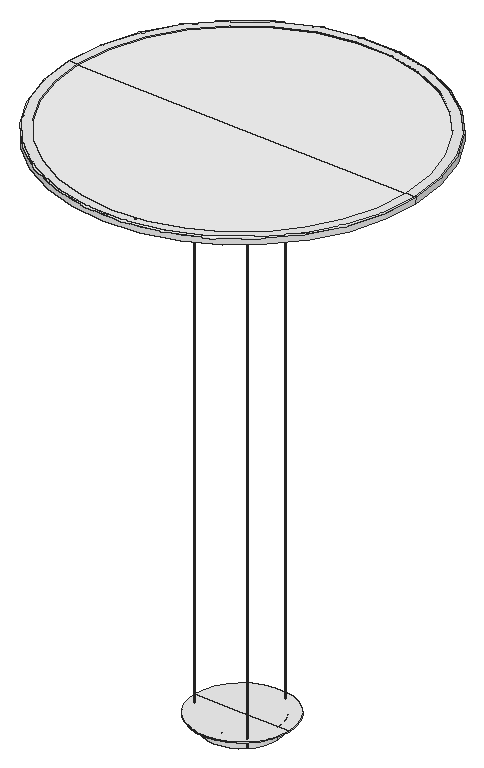
Revit family "Lighting-Pendant-Vibia-BIG_0536", category Lighting Fixtures, host Face, Revit 2015
Parameters (values of type "0536-01")
  Tilt Angle = -90.00°
  Wattage = 32.1535 W
  URL = "www.vibia.com"
  Product data url = "https://bimobject.com/vibia/product/vibia-big-0536"
  Product Page URL = "http://www.vibia.com/us/lamps/show/id/05364/pendants_big_0536_design_by_lievore_altherr_molina.html"
  Power Factor = 0.98  # constant formula
  Pendant Length [instance] = 53.92432"
  Number of Poles = 1
  Model = "BIG 0536-01"
  built-in parameter 1150107 = 2700 (stored number, unit not read)
  Supply Voltage (277 V max) = 120 V
  Ring Material = Metal - VIBIA - 01 - Polished Chrome
  Revit Model Version = "3.0"  # constant formula
  built-in parameter 1150110 = 1 (stored number, unit not read)
  built-in parameter 1150109 = 1 (stored number, unit not read)
  built-in parameter 1150112 = 1 (stored number, unit not read)
  built-in parameter 1150113 = 1 (stored number, unit not read)
  Description = "BIG exceeds all expectations: it is a light fixture which provides direct ambient down light, achieving a quality akin to a real skylight. Just as the light intensity from a natural skylight changes with the hours of the day the BIG is dimmable creating suitable lighting for a wide range of situations. It is a minimalist expression of fixture design– its white opal methacrylate flat diffuser takes up virtually the entire diameter, with its only flourish a slim chrome band around the outside."  # constant formula
  built-in parameter 1114218 = 1 (stored number, unit not read)
  Power Factor1 = 0.98  # constant formula
  Number of poles1 = 1
  built-in parameter 1150137 = (empty or 0)
  built-in parameter 1150132 = 2
  Length (157" max) [instance] = 60"
  Lamp Structure Material = Metal - VIBIA - 93 - Matt White Lacquer - RAL 9016
  built-in parameter 1150105 = 380.07 (stored number, unit not read)
  built-in parameter 1150102 = (empty or 0)
  built-in parameter 1150106 = 3.8007 (stored number, unit not read)
  Emit Shape Visible in Rendering = no
  Lumens = 4776.14 lm
  Color Filter = 16777215
  built-in parameter 1114217 = 1 (stored number, unit not read)
  built-in parameter 1150139 = (empty or 0)
  Manufacturer = "VIBIA"  # constant formula
  Default Elevation = 50"
  built-in parameter 1150104 = 13.8 (stored number, unit not read)
  Emit from Circle Diameter = 36"
  Dish Material = Metal - VIBIA - 01 - Polished Chrome
  Diffuser Material = Plastic - VIBIA - Light Screen - 2700K
  built-in parameter 1150115 = 1 (stored number, unit not read)
  built-in parameter 1150114 = 1 (stored number, unit not read)
  Assembly Code = ""
  built-in parameter 1150138 = (empty or 0)
  built-in parameter 1150134 = (empty or 0)
  Apparent Load = 120 VA  # constant formula
  Dimming Lamp Color Temperature Shift = <None>
  Cable Material = Metal - VIBIA - Stainless Steel
  Photometric Web File = "0536_USA.IES"
  built-in parameter 1150133 = 10 (stored number, unit not read)
Types (3): name | Model | Ring Material | Dish Material
  (no name) | "BIG 0536-01" | Metal - VIBIA - 01 - Polished Chrome | Metal - VIBIA - 01 - Polished Chrome
  0536-01 | "BIG 0536-01" | Metal - VIBIA - 01 - Polished Chrome | Metal - VIBIA - 01 - Polished Chrome
  0536-93 | "BIG 0536-93" | Metal - VIBIA - 93 - Matt White Lacquer - RAL 9016 | Metal - VIBIA - 93 - Matt White Lacquer - RAL 9016
Reference planes (in)
  plane 1 "Center (Front/Back)": y = 0
  plane 2: z = 0
  plane 3 "Center (Left/Right)": x = 0
  plane 4 "Light Source Elevation": z = 60.125
  plane 5 "Lamp Elevation": z = 60
  plane 6 "H1": z = 55.28259
  plane 7 "H0": z = 1.35827
Forms (in)
  Extrusion 1, solid, material "Metal - VIBIA - Stainless Steel" <- "Cable Material"
    sketch origin (0, -3.77953, 0) x (1, 0, 0) y (0, 1, 0)
      loop
        circle (1.29276, 8.21028) r 0.01969
      loop
        circle (3.23091, 0.43572) r 0.01969
      loop
        circle (-4.47161, 2.64407) r 0.01969
    from 0.43307 to 55.28259
  Revolve 2, solid, material "Metal - VIBIA - 01 - Polished Chrome" <- "Dish Material"
    sketch origin (0, 0, 0.10725) x (1, 0, 0) y (0, 0, 1)
      loop
        line (3.99011, 1.17227) -> (5.28995, 1.17227) -> (5.28995, 1.25101) -> (0, 1.25101) -> (0, -0.10725) -> (3.99011, -0.10725) -> (3.99011, 1.17227)
      axis (0, -0.10725) -> (0, 1.25101)
    angle from 0 to 360
  Extrusion 3, solid, material "Metal - VIBIA - Stainless Steel" <- "Cable Material"
    sketch origin (0, -3.77953, 0) x (1, 0, 0) y (0, 1, 0)
      loop
        circle (1.29276, 8.21028) r 0.01969
      loop
        circle (3.23091, 0.43572) r 0.01969
      loop
        circle (-4.47161, 2.64407) r 0.01969
      loop
        circle (1.29276, 8.21028) r 0.07874
      loop
        circle (3.23091, 0.43572) r 0.07874
      loop
        circle (-4.47161, 2.64407) r 0.07874
    from 0.43307 to 0.59055
Lines and regions (in)
  Masking region 1
    outline origin (0, 0, 0) x (1, 0, 0) y (0, 1, 0)
      loop
        circle (0, 0) r 20
  symbolic lines, detail levels medium+fine
    curve 1: line (-14.14214, -14.14214, 0) -> (14.14214, 14.14214, 0)
Dimensions and locks (in)
  "Length (157" max)": plane 5 "Lamp Elevation" to plane 2
  locked: plane 5 "Lamp Elevation" to Extrusion 1 at 4.71741
  locked: plane 4 "Light Source Elevation" to plane 5 "Lamp Elevation" at 0.125
  locked: plane 7 "H0" to level at 1.35827
  locked: plane 5 "Lamp Elevation" to plane 6 "H1" at 4.71741
  "Pendant Length": plane 6 "H1" to plane 7 "H0"
  Extrusion 1 sketch curve to plane 3 "Center (Left/Right)" to Extrusion 1 sketch curve to Extrusion 1 sketch curve = 4.47161" locked, 1.29276" locked, 1.93815" locked
  Extrusion 1 sketch curve to Extrusion 1 sketch curve to plane 1 "Center (Front/Back)" to Extrusion 1 sketch curve = 2.20834" locked, 1.13546" locked, 4.43075" locked
  Extrusion 3 sketch curve to plane 3 "Center (Left/Right)" to Extrusion 3 sketch curve to Extrusion 3 sketch curve = 4.47161" locked, 1.29276" locked, 1.93815" locked
  Extrusion 3 sketch curve to Extrusion 3 sketch curve to plane 1 "Center (Front/Back)" to Extrusion 3 sketch curve = 2.20834" locked, 1.13546" locked, 4.43075" locked
  aligned and locked: plane 2 to host face
  aligned and locked: level to host face
  aligned and locked: plane 4 "Light Source Elevation" to imposter light
  aligned and locked: plane 3 "Center (Left/Right)" to imposter light
  aligned and locked: imposter light to plane 1 "Center (Front/Back)"
  aligned and locked: nested 1 to plane 5 "Lamp Elevation"
  aligned and locked: plane 3 "Center (Left/Right)" to Masking region 1 sketch curve
  aligned and locked: plane 1 "Center (Front/Back)" to Masking region 1 sketch curve
  aligned and locked: plane 3 "Center (Left/Right)" to Revolve 2 sketch curve  (x2)
  aligned and locked: plane 2 to Revolve 2 sketch curve
Automatic sketch dimensions
  host sketch curve to host sketch curve = 96"  (x2)
  Revolve 2 sketch curve to Revolve 2 sketch curve = 3.99011"
  Revolve 2 sketch curve to Revolve 2 sketch curve = 1.29984"
  level to Revolve 2 sketch curve = 1.27953"
  Revolve 2 sketch curve to Revolve 2 sketch curve = 0.07874"
  Revolve 2 sketch curve to Revolve 2 sketch curve = 1.75253"
  Revolve 2 sketch curve to Revolve 2 sketch curve = 2.00731"
  Extrusion 3 sketch curve to Extrusion 3 sketch curve = 0"  (x6)
  curve 1 to plane 3 "Center (Left/Right)" = 14.14214"
  plane 1 "Center (Front/Back)" to curve 1 = 14.14214"
  plane 3 "Center (Left/Right)" to curve 1 = 14.14214"
  curve 1 to plane 1 "Center (Front/Back)" = 14.14214"
  radius of Extrusion 1 sketch curve = 0.01969"  (x3)
  radius of Extrusion 3 sketch curve = 0.01969"  (x3)
  radius of Extrusion 3 sketch curve = 0.07874"  (x3)
  radius of Masking region 1 sketch curve = 20"
Nested families (in)
  nested 1: "Lighting_Fixtures-Vibia-Lamp-BIG" at (0, 0, 55.28259), type "Standard"
Connectors (in)
  electrical at (0, 0, 0), driven by "Number of Poles", driven by "Supply Voltage (277 V max)", driven by "Apparent Load", driven by "Power Factor"
    settings: index 1, voltage 120 V, apparent load 120 VA, apparent load phase1 0 VA, apparent load phase2 0 VA, apparent load phase3 0 VA, power factor 0.98, load classification "Lighting", number of poles 1, system type 30, power factor state 1, is connector primary yes, connector utility no, sub classification motor no, connector description "Power Supply"
Definition of nested family "Lighting_Fixtures-Vibia-Lamp-BIG"
  Parameters
    Ring Material = none
    Revit Model Version = "3.0"  # constant formula
    Lamp Structure Material = none
    Manufacturer = "VIBIA"  # constant formula
    Diffuser Material = none
  Reference planes (in)
    plane 1 "Light Source Axis (F/B)": y = 0
    plane 2: z = 0
    plane 3 "Light Source Axis (L/R)": x = 0
    plane 4 "Light Source Elevation": z = 0
    plane 5 "Light.Base": z = 4.71741
  Forms (in)
    Revolve 1, solid, material <- "Lamp Structure Material"
      sketch origin (0, 0, 0) x (1, 0, 0) y (0, 0, 1)
        loop
          line (0, 0) -> (9.98532, 0)
          arc (9.98532, 0) -> (13.91716, 1.72398) -> (17.54991, 4.01191) r 28.87334
          line (17.54991, 4.01191) -> (19.4896, 4.01191) -> (19.4896, 4.60465)
          arc (19.4896, 4.60465) -> (19.45658, 4.68438) -> (19.37684, 4.71741) r 0.11276
          line (19.37684, 4.71741) -> (18.44029, 4.71741) -> (18.44029, 4.64215) -> (0, 4.64215) -> (0, 0)
        axis (0, 4.71741) -> (0, 0)
      angle from 0 to 360
  Dimensions and locks (in)
    locked: plane 4 "Light Source Elevation" to plane 2 at 0
    aligned and locked: plane 2 to level
